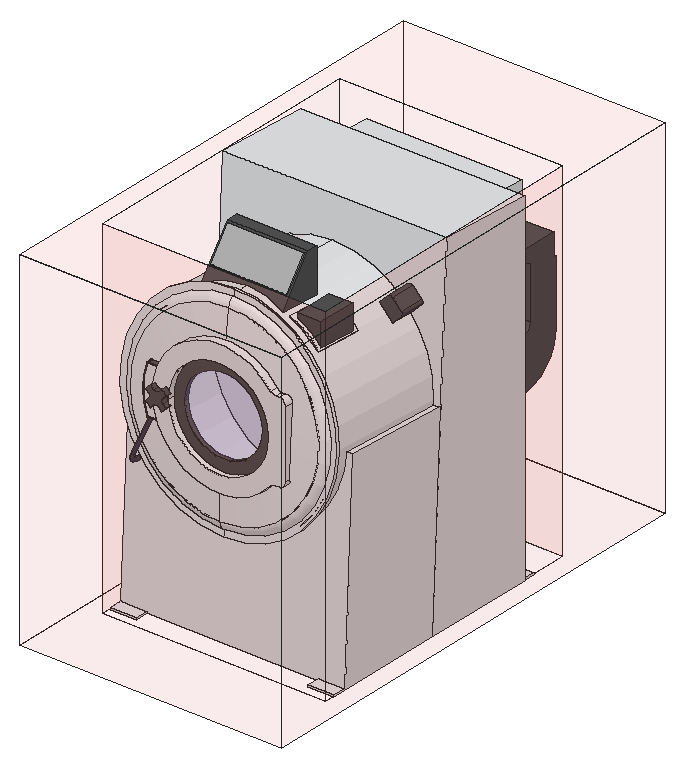
Revit family "Washer_Milnor_60lb-Capacity_30022T6X", category Mechanical Equipment, Revit 2023
Family settings
  Round Connector Dimension = Use Diameter
  Part Type = Normal
  OmniClass Number = 23.45.70.11.14.11
  OmniClass Title = Washing Machines
  Work Plane-Based = Yes
  Always vertical = No
  Cut with Voids When Loaded = No
  Maintain Annotation Orientation = No
  Shared = No
  Room Calculation Point = No
Parameters (values of type "3022T6XBE2015252D")
  doorgas = Door Opening + 0' 2 1/2"  # 1' - 6"
  Warranty Duration (Years) = 5
  Voltage_MEP = 44.5935 V
  Vibration Frequency = 0
  Unit Width = 2' - 10 1/2"
  Unit Weight = 944
  Unit Height = 4' - 6"
  Unit Depth = 3' - 9 3/4"
  URL = "http://www.milnor.com/"
  Suspension Type = "Rigid"
  Specification = "https://www.arcat.com/sd/clients/pellerin.html"
  SpecWizard = "https://www.arcat.com/specwizard/11110pmc/index04.htm"
  Send Message = "http://www.arcat.com/users.pl?action=UserEmail&company=Pellerin+Milnor+Corp.&coid=34740&rep=108&fax=504-468-3094&mf="
  Sales Information = "http://www.milnor.com/contact_us.aspx"
  Revision = "R1_08-2018"
  Product Properties = "https://www.arcat.com/arcatcos/cos34/arc34740.html"
  Product Data = "http://www.arcat.com/arcatcos/cos34/arc34740.html"
  Phase = 3
  Number of Poles = 1
  Model = "3022T6XBE2015252D"
  Manufacturer Website = "http://www.milnor.com/"
  Manufacturer Phone - Toll Free = "800-469-8780"
  Manufacturer Phone = "504-467-9591"
  Manufacturer Fax = "504-468-3094"
  Manufacturer Address = "700 Jackson St.   Kenner, LA 70062"
  Manufacturer = "Pellerin Milnor Corp"
  Maintenance Schedule (Months) = 0
  MEP Amperage = 18.5 A
  Keynote = "11110"
  Interior Finish [instance] = Metal - Stainless Steel - Milnor - as Specified
  Installation-Fabrication = "https://www.arcat.com/catalogs/pellerin/pellerin.html"
  Installation Phase = ""
  Green Building-LEED = "https://www.arcat.com/green/green_building.shtml"
  Frequency = 60 Hz
  Extraction G-Force = "140 Gs"
  Expected Lifespan (Years) = 12
  Dynamic Load = 0.00 kip
  Drawn By = "Sumex Design, Inc. / Robert S. Weygant, CSI, CDT, SCIP"
  Door Opening = 1' - 3 1/2"
  Door Opening Depth = 1' - 3 3/4"
  Door Glazing [instance] = Glazing - Milnor - as Specified
  Clearance Visible [instance] = yes
  Cabinet Front Doodads [instance] = Paint - Milnor - Black
  Description = "Milnor Commercial Washer Extractor"
  Default Elevation = 4' - 0"
  Cylinder Volume = 9.00 CF
  Cylinder Diameter = 2' - 6"
  Cylinder Depth = 1' - 3"
  Door Base from FF = 2' - 1"
  Copyright = "©Arcat Inc."
  Construction Details = "https://www.arcat.com/catalogs/pellerin/pellerin.html"
  Capacity = "60 lb"
  Cabinet Finish [instance] = Metal - Stainless Steel - Milnor - Powder Coat as Specified
  Assembly Code = "E1010610"
  16" Clearance = yes
Reference planes (in)
  plane 1 "Center (Front/Back)": y = 0
  plane 2 "Bottom": z = 0
  plane 3 "Center (Left/Right)": x = 0
  plane 4 "Front": y = -22.875
  plane 5 "Back": y = 22.875
  plane 6 "Left": x = -17.25
  plane 7 "Right": x = 17.25
  plane 8 "Top": z = 54
  plane 9: y = -35.125
  plane 10: z = 25
  plane 11 "Y": y = -19.375
  plane 12: y = 15.375
  plane 13 "Rear Wall MINIMUM CLEARANCE": y = 31.375
  plane 14 "Lint Trap Center": z = 14
  plane 15 "Lint Trap Back": y = 38.875
  plane 16 "Lint Trap Alignment": x = -9.25
Forms (in)
  Extrusion 1, solid, material "Metal - Stainless Steel - Milnor - Powder Coat as Specified" <- "Cabinet Finish"
    sketch origin (0, 0, 0) x (0, 1, 0) y (0, 0, 1)
      loop
        line (0.30793, 53.98386) -> (-2.52124, 0) -> (15.375, 0) -> (15.375, 53.19423) -> (0.30793, 53.98386)
    from -17.25 to 17.25
  Extrusion 2, solid, material "Metal - Stainless Steel - Milnor - Powder Coat as Specified" <- "Cabinet Finish"
    sketch origin (0, 0, 0) x (0, 1, 0) y (0, 0, 1)
      loop
        line (15.375, 51.20358) -> (15.375, 4.06052) -> (19.02486, 4.06052) -> (21.47876, 50.88369) -> (15.375, 51.20358)
    from -12 to 12
  Extrusion 3, solid, material "Metal - Stainless Steel - Milnor - Powder Coat as Specified" <- "Cabinet Finish"
    sketch origin (0, 0, 0) x (0, 1, 0) y (0, 0, 1)
      loop
        line (-0.89129, 31.10136) -> (-17.69888, 31.98221) -> (-19.375, 0) -> (-2.52124, 0) -> (-0.89129, 31.10136)
    from -17.25 to 17.25
  Revolve 4, solid, material "Metal - Stainless Steel - Milnor - Powder Coat as Specified" <- "Cabinet Finish"
    sketch origin (0, 0, 0) x (0, 1, 0) y (0, 0, 1)
      loop
        line (-4.85997, 31.84903) -> (-0.86459, 31.61071) -> (-0.01411, 47.83887) -> (-18.86581, 48.96332) -> (-18.83537, 49.47357) -> (-19.14893, 49.49228) -> (-19.20847, 48.49405)
        arc (-19.20847, 48.49405) -> (-19.79183, 47.98694) -> (-20.06883, 47.26532) r 1.59754
        line (-20.06883, 47.26532) -> (-21.83738, 32.86168) -> (-19.83336, 32.74215) -> (-18.94024, 47.71553) -> (-3.96685, 46.82241) -> (-4.85997, 31.84903)
      axis (-21.83738, 32.86168) -> (-0.86459, 31.61071)
    angle from 0 to 360
  Extrusion 5, void
    sketch origin (0, 0, 0) x (1, 0, 0) y (0, 0, 1)
      loop
        circle (0, 32.75) r 7.875
    from 13.70276 to 26.1875
  Revolve 6, void
    sketch origin (0, 0, 0) x (0, 1, 0) y (0, 0, 1)
      loop
        line (-0.01411, 47.83887) -> (-18.86581, 48.96332) -> (-19.83336, 32.74215) -> (-0.98166, 31.6177) -> (-0.01411, 47.83887)
      axis (-19.83336, 32.74215) -> (-0.98166, 31.6177)
    angle from 0 to 360
  Extrusion 7, solid, material "Paint - Milnor - Black" <- "Cabinet Front Doodads"
    sketch origin (0, 0, 0) x (1, 0, 0) y (0, 0, 1)
      loop
        circle (0, 32.7491) r 7.75
      loop
        circle (0, 32.7491) r 6
    from 20.52449 to 21.14569
  Extrusion 8, solid, material "Glazing - Milnor - as Specified" <- "Door Glazing"
    sketch origin (0, 0, 0) x (1, 0, 0) y (0, 0, 1)
      loop
        circle (0, 32.7491) r 6
    from 20.52449 to 21.14569
  Extrusion 9, solid, material "Paint - Milnor - Black" <- "Cabinet Front Doodads"
    sketch origin (0, 0, 0) x (1, 0, 0) y (0, 0, 1)
      loop
        line (-9.58301, 36.55903) -> (-11.18344, 36.55903)
        arc (-11.18344, 36.55903) -> (-11.33015, 36.51146) -> (-11.42102, 36.38685) r 0.25
        arc (-11.42102, 36.38685) -> (-12.00157, 32.7491) -> (-11.42102, 29.11136) r 11.68741
        arc (-11.42102, 29.11136) -> (-11.33015, 28.98675) -> (-11.18344, 28.93918) r 0.25
        line (-11.18344, 28.93918) -> (-9.58301, 28.93918)
        arc (-9.58301, 28.93918) -> (-9.60759, 29.0016) -> (-9.63177, 29.06418) r 10.3126
        line (-9.63177, 29.06418) -> (-11.18344, 29.06418)
        arc (-11.18344, 29.06418) -> (-11.2568, 29.08796) -> (-11.30223, 29.15027) r 0.125
        arc (-11.30223, 29.15027) -> (-11.87657, 32.7491) -> (-11.30223, 36.34794) r 11.56241
        arc (-11.30223, 36.34794) -> (-11.2568, 36.41025) -> (-11.18344, 36.43403) r 0.125
        line (-11.18344, 36.43403) -> (-9.63177, 36.43403)
        arc (-9.63177, 36.43403) -> (-9.60759, 36.49661) -> (-9.58301, 36.55903) r 10.3126
    from 20.77469 to 21.77823
  Extrusion 10, solid, material "Paint - Milnor - Black" <- "Cabinet Front Doodads"
    sketch origin (0, 0, 0) x (0, 1, 0) y (0, 0, 1)
      loop
        line (-12.625, 54) -> (-18.08827, 46.75) -> (-10.88861, 46.75) -> (-10.88861, 54) -> (-12.625, 54)
    from -6.19874 to 6.20769
  Extrusion 11, solid, material "Contoller Finish - Grey"
    sketch origin (0, -12.625, 54) x (0, -0.601815, -0.798636) y (1, 0, 0)
      loop
        line (0.3281, -5.9267) -> (5.8281, -5.9267) -> (5.8281, 5.8233) -> (0.3281, 5.8233) -> (0.3281, -5.9267)
    from 0 to 0.0625
  Extrusion 12, solid, material "Metal - Stainless Steel - Milnor - Powder Coat as Specified" <- "Cabinet Finish"
    sketch origin (-0.125, -2.73589, -0.97441) x (1, 0, 0) y (0, 0.059481, 0.998229)
      loop
        line (11.39349, 43.73287) -> (11.82069, 44.16007)
        arc (11.82069, 44.16007) -> (9.77749, 46.12707) -> (7.27083, 47.45384) r 10.17722
        line (7.27083, 47.45384) -> (7.27083, 46.61959) -> (11.39349, 43.73287)
    from 9.72126 to 17.35099
  Extrusion 13, solid, material "Paint - Milnor - Black"
    sketch origin (0, 0, 0) x (1, 0, 0) y (0, 0, 1)
      loop
        line (7.88414, 46.57967) -> (11.5, 43.54561) -> (11.5, 47.79561) -> (7.88414, 47.79561) -> (7.88414, 46.57967)
    from 10.6593 to 16.72432
  Extrusion 14, solid, material "Paint - Milnor - Black"
    sketch origin (0, 0, 0) x (1, 0, 0) y (0, 0, 1)
      loop
        circle (-9.25, 14) r 1.5
    from -19.875 to -17.56926
  Extrusion 15, solid, material "Paint - Milnor - Black"
    sketch origin (0, 0, 0) x (1, 0, 0) y (0, 0, 1)
      loop
        line (-16.5, 40.5) -> (-12.5, 40.5) -> (-12.5, 46.25) -> (-16.5, 46.25) -> (-16.5, 40.5)
    from -17.56926 to -15.47876
  Extrusion 16, solid, material "Paint - Milnor - Black"
    sketch origin (0, 0, 0) x (0, 1, 0) y (0, 0, 1)
      loop
        line (15.47876, 45) -> (15.47876, 43.75) -> (17.56926, 42.54305) -> (17.56926, 34.54305)
        arc (17.56926, 34.54305) -> (17.34067, 33.77194) -> (16.72876, 33.25) r 1.41488
        line (16.72876, 33.25) -> (15.47876, 33.25) -> (15.47876, 25.19717)
        arc (15.47876, 25.19717) -> (20.38186, 26.79029) -> (22.47876, 31.5) r 6.33755
        line (22.47876, 31.5) -> (22.47876, 41.5) -> (21.97876, 41.5) -> (21.97876, 45) -> (15.47876, 45)
    from 12.2764 to 16.43646
  Extrusion 17, solid, material "Paint - Milnor - Black"
    sketch origin (0, 0, 0) x (1, 0, 0) y (0, 0, 1)
      loop
        circle (15.17575, 40.22764) r 0.25
      loop
        circle (15.19494, 38.99925) r 0.1875
      loop
        circle (15.19494, 37.74925) r 0.1875
      loop
        circle (13.42575, 40.22764) r 0.25
      loop
        circle (13.44494, 38.99925) r 0.1875
      loop
        circle (13.44494, 37.74925) r 0.1875
    from -22.875 to -22.47876
  Extrusion 18, solid, material "Paint - Milnor - Black"
    sketch origin (0, 0, 0) x (1, 0, 0) y (0, 0, 1)
      loop
        circle (14.75, 10.75) r 0.375
      loop
        circle (14.75, 15) r 0.375
      loop
        circle (14.75, 19.25) r 0.375
      loop
        circle (14.75, 6.5) r 0.375
      loop
        circle (-14.75, 6.5) r 0.375
    from -16.22121 to -15.47876
  Extrusion 19, solid, material "Metal - Stainless Steel - Milnor - Powder Coat as Specified" <- "Cabinet Finish"
    sketch origin (0, 0, 0) x (1, 0, 0) y (0, 1, 0)
      loop
        line (17.25, 17.25) -> (13.25, 17.25) -> (13.25, 15.47876) -> (17.25, 15.47876) -> (17.25, 17.25)
      loop
        line (-17.25, 17.25) -> (-17.25, 15.47876) -> (-13.25, 15.47876) -> (-13.25, 17.25) -> (-17.25, 17.25)
      loop
        line (17.25, -19.19341) -> (13.25, -19.19341) -> (13.25, -21.375) -> (17.25, -21.375) -> (17.25, -19.19341)
      loop
        line (-17.25, -19.18237) -> (-17.25, -21.375) -> (-13.25, -21.375) -> (-13.25, -19.18237) -> (-17.25, -19.18237)
    from 0 to 0.25
  Extrusion 20, solid, material "ARCAT Clearance", visible <- "Clearance Visible"
    sketch origin (-6.75302, 1.0625, 0) x (1, 0, 0) y (0, 1, 0)
      loop
        line (-13.49698, 37.8125) -> (-13.49698, -36.1875) -> (27.00302, -36.1875) -> (27.00302, 37.8125) -> (-13.49698, 37.8125)
      loop
        line (-10.49698, -23.9375) -> (24.00302, -23.9375) -> (24.00302, 21.8125) -> (-10.49698, 21.8125) -> (-10.49698, -23.9375)
    from 0 to 54
  Extrusion 21, solid, material "Metal - Stainless Steel - Milnor - Powder Coat as Specified" <- "Cabinet Finish"
    sketch origin (0, 0, 0) x (1, 0, 0) y (0, 0, 1)
      loop
        circle (0, 32.7491) r 7.75
      loop
        arc (7.96361, 39.30125) -> (-10.3126, 32.7491) -> (7.9636, 26.19696) r 10.3126
        arc (7.9636, 26.19696) -> (8.30883, 26.46586) -> (8.73583, 26.5616) r 1
        line (8.73583, 26.5616) -> (9.31135, 26.5616)
        arc (9.31135, 26.5616) -> (10.01846, 26.85449) -> (10.31135, 27.5616) r 1
        line (10.31135, 27.5616) -> (10.31135, 37.9366)
        arc (10.31135, 37.9366) -> (10.01846, 38.64371) -> (9.31135, 38.9366) r 1
        line (9.31135, 38.9366) -> (8.73583, 38.9366)
        arc (8.73583, 38.9366) -> (8.30883, 39.03235) -> (7.96361, 39.30125) r 1
    from 22.02176 to 20.52449
  Extrusion 22, solid, material "Metal - Stainless Steel - Milnor - Powder Coat as Specified" <- "Cabinet Finish"
    sketch origin (0, 0, 0) x (1, 0, 0) y (0, 0, 1)
      loop
        arc (-11.30223, 29.15027) -> (-11.2568, 29.08796) -> (-11.18344, 29.06418) r 0.125
        line (-11.18344, 29.06418) -> (-9.63177, 29.06418)
        arc (-9.63177, 29.06418) -> (-10.3126, 32.7491) -> (-9.63177, 36.43403) r 10.3126
        line (-9.63177, 36.43403) -> (-11.18344, 36.43403)
        arc (-11.18344, 36.43403) -> (-11.2568, 36.41025) -> (-11.30223, 36.34794) r 0.125
        arc (-11.30223, 36.34794) -> (-11.87657, 32.7491) -> (-11.30223, 29.15027) r 11.56241
    from 20.77469 to 21.77823
  Extrusion 23, solid, material "Paint - Milnor - Black"
    sketch origin (0, 0, 0) x (1, 0, 0) y (0, 0, 1)
      loop
        spline (10.37369, 44.60575) -> (10.56112, 44.43953) -> (10.74588, 44.27037) -> (10.92792, 44.09829) -> (11.10719, 43.92334) -> (11.28365, 43.74557) -> (11.45726, 43.56502) -> (11.62797, 43.38174) -> (11.79574, 43.19576) -> (11.96052, 43.00715) -> (12.12228, 42.81595) -> (12.28096, 42.6222) -> (12.43655, 42.42596)
        line (12.43655, 42.42596) -> (13.82522, 43.81463)
        arc (13.82522, 43.81463) -> (13.97166, 44.16818) -> (13.82522, 44.52173) r 0.5
        line (13.82522, 44.52173) -> (12.411, 45.93595)
        arc (12.411, 45.93595) -> (12.05745, 46.08239) -> (11.7039, 45.93595) r 0.5
        line (11.7039, 45.93595) -> (10.37369, 44.60575)
    from 0 to 4.01911
  Extrusion 24, solid, material "Paint - Milnor - Black"
    sketch origin (0, 0, 0) x (1, 0, 0) y (0, 0, 1)
      loop
        line (-8.199, 34.28851) -> (-8.67775, 33.80976)
        arc (-8.67775, 33.80976) -> (-9.0313, 33.66332) -> (-9.38485, 33.80976) r 0.5
        line (-9.38485, 33.80976) -> (-9.8636, 34.28851)
        arc (-9.8636, 34.28851) -> (-10.26874, 33.98654) -> (-10.57071, 33.5814) r 1.75
        line (-10.57071, 33.5814) -> (-10.09196, 33.10266)
        arc (-10.09196, 33.10266) -> (-9.94551, 32.7491) -> (-10.09196, 32.39555) r 0.5
        line (-10.09196, 32.39555) -> (-10.57071, 31.9168)
        arc (-10.57071, 31.9168) -> (-10.26874, 31.51167) -> (-9.8636, 31.2097) r 1.75
        line (-9.8636, 31.2097) -> (-9.38485, 31.68844)
        arc (-9.38485, 31.68844) -> (-9.0313, 31.83489) -> (-8.67775, 31.68844) r 0.5
        line (-8.67775, 31.68844) -> (-8.199, 31.2097)
        arc (-8.199, 31.2097) -> (-7.79386, 31.51167) -> (-7.49189, 31.9168) r 1.75
        line (-7.49189, 31.9168) -> (-7.97064, 32.39555)
        arc (-7.97064, 32.39555) -> (-8.11709, 32.7491) -> (-7.97064, 33.10266) r 0.5
        line (-7.97064, 33.10266) -> (-7.49189, 33.5814)
        arc (-7.49189, 33.5814) -> (-7.79386, 33.98654) -> (-8.199, 34.28851) r 1.75
    from 22.02176 to 22.875
  Sweep 25, solid, material "Paint - Milnor - Black" <- "Cabinet Front Doodads"
    path origin (-13.146, 0, -1.9335) x (0, 1, 0) y (0.419322, 0, 0.907837)
      loop
        line (-21.76498, 29.84931) -> (-21.76498, 22.296)
        arc (-21.76498, 22.296) -> (-21.03275, 20.52823) -> (-19.26498, 19.796) r 2.5
        line (-19.26498, 19.796) -> (-18.15956, 19.796)
    profile origin (-2.21316, -21.76498, 21.73623) x (0, 1, 0) y (0.907837, 0, -0.419322)
      loop
        circle (0.40323, -10.97154) r 0.25
Cuts and joins
  Extrusion 5, Revolve 6 cuts Extrusion 1
  Revolve 6 cuts Extrusion 3
  joined: Extrusion 3, Extrusion 19
  Extrusion 5 cuts Revolve 4
Lines and regions (in)
  symbolic lines, style "MechanicalEquipmentHiddenLines"
    curve 1: arc (7.75208, -22.95773, 0) -> (1.35223, -31.76221, 0) -> (-9, -35.125, 0) r 17.61589
    curve 2: line (-9, -35.125, 0) -> (-9, -21.375, 0)
Dimensions and locks (in)
  "Unit Width": plane 6 "Left" to plane 7 "Right"
  "Unit Depth": plane 5 "Back" to plane 4 "Front"
  "Unit Height": plane 8 "Top" to level
  "Door Opening Depth": plane 11 "Y" to plane 9
  plane 10 to level = 2' - 1"
  Extrusion 18 sketch curve to level = 0' - 10 3/4"
  Extrusion 18 sketch curve to level = 1' - 3"
  Extrusion 18 sketch curve to level = 1' - 7 1/4"
  locked: Extrusion 18 sketch curve to level at 6.5
  locked: plane 11 "Y" to plane 4 "Front" at 3.5
  locked: plane 12 to plane 11 "Y" at 34.75
  locked: plane 13 "Rear Wall MINIMUM CLEARANCE" to plane 12 at 16
  locked: plane 10 to plane 14 "Lint Trap Center" at 11
  locked: plane 15 "Lint Trap Back" to Extrusion 14 at 19
  locked: plane 6 "Left" to plane 16 "Lint Trap Alignment" at 8
  locked: plane 15 "Lint Trap Back" to plane 5 "Back" at 16
  aligned and locked: Extrusion 3 to plane 6 "Left"
  aligned and locked: plane 7 "Right" to Extrusion 3
  aligned and locked: plane 7 "Right" to Extrusion 1
  aligned and locked: Extrusion 1 to plane 6 "Left"
  aligned and locked: Extrusion 23 to plane 1 "Center (Front/Back)"
  aligned and locked: Extrusion 24 to plane 4 "Front"
  aligned and locked: Extrusion 20 sketch curve to plane 15 "Lint Trap Back"
  aligned and locked: plane 5 "Back" to Extrusion 20 sketch curve
  aligned and locked: Extrusion 20 sketch curve to plane 6 "Left"
  aligned and locked: plane 7 "Right" to Extrusion 20 sketch curve
  aligned and locked: Extrusion 20 sketch curve to plane 4 "Front"
  aligned and locked: Extrusion 20 sketch curve to plane 9
Automatic sketch dimensions
  curve 1 to plane 9 = 0' - 0"
  plane 4 "Front" to curve 2 = 0' - 1 1/2"
  plane 6 "Left" to curve 2 = 0' - 8 1/4"
  curve 1 to plane 4 "Front" = 0' - 0.08273"
  plane 3 "Center (Left/Right)" to curve 1 = 0' - 7.75208"
  Extrusion 1 sketch curve to level = 0' - 0"
  Extrusion 1 sketch curve to plane 12 = 0' - 0"
  Extrusion 1 sketch curve to plane 8 "Top" = 0' - 0.01614"
  Extrusion 1 sketch curve to plane 1 "Center (Front/Back)" = 0' - 0.30793"
  plane 1 "Center (Front/Back)" to Extrusion 1 sketch curve = 0' - 2.52124"
  Extrusion 2 sketch curve to plane 12 = 0' - 0"
  plane 12 to Extrusion 2 sketch curve = 0' - 3.64986"
  Extrusion 2 sketch curve to plane 5 "Back" = 0' - 1.39624"
  level to Extrusion 2 sketch curve = 0' - 4.06052"
  Extrusion 2 sketch curve to plane 8 "Top" = 0' - 3.11631"
  Extrusion 3 sketch curve to level = 0' - 0"
  Extrusion 3 sketch curve to plane 11 "Y" = 0' - 0"
  plane 11 "Y" to Extrusion 3 sketch curve = 0' - 1.67612"
  plane 1 "Center (Front/Back)" to Extrusion 3 sketch curve = 0' - 2.52124"
  plane 1 "Center (Front/Back)" to Extrusion 3 sketch curve = 0' - 0.89129"
  Revolve 4 sketch curve to plane 1 "Center (Front/Back)" = 0' - 0"
  plane 1 "Center (Front/Back)" to Revolve 4 sketch curve = 0' - 0.01411"
  plane 1 "Center (Front/Back)" to Revolve 4 sketch curve = 0' - 0.86459"
  plane 1 "Center (Front/Back)" to Revolve 4 sketch curve = 0' - 3.96685"
  Revolve 4 sketch curve to Revolve 4 sketch curve = 0' - 3.99537"
  plane 11 "Y" to Revolve 4 sketch curve = 0' - 0.8918"
  plane 11 "Y" to Revolve 4 sketch curve = 0' - 0.53963"
  plane 11 "Y" to Revolve 4 sketch curve = 0' - 0.50919"
  plane 11 "Y" to Revolve 4 sketch curve = 0' - 0.43476"
  plane 11 "Y" to Revolve 4 sketch curve = 0' - 0.22607"
  plane 11 "Y" to Revolve 4 sketch curve = 0' - 0.16653"
  Revolve 4 sketch curve to plane 11 "Y" = 0' - 0.45836"
  Revolve 4 sketch curve to Revolve 4 sketch curve = 0' - 0.18684"
  Revolve 4 sketch curve to plane 11 "Y" = 0' - 0.69383"
  plane 4 "Front" to Revolve 4 sketch curve = 0' - 1.03762"
  plane 10 to Revolve 4 sketch curve = 0' - 6.55914"
  Revolve 4 sketch curve to Revolve 4 sketch curve = 0' - 0.05157"
  Revolve 4 sketch curve to Revolve 4 sketch curve = 0' - 0.23831"
  Revolve 4 sketch curve to Revolve 4 sketch curve = 0' - 0.01114"
  Revolve 4 sketch curve to Revolve 4 sketch curve = 0' - 0.6449"
  Revolve 4 sketch curve to Revolve 4 sketch curve = 0' - 0.45021"
  Revolve 4 sketch curve to Revolve 4 sketch curve = 0' - 1.01645"
  Extrusion 5 sketch curve to plane 3 "Center (Left/Right)" = 0' - 0"
  plane 10 to Extrusion 5 sketch curve = 0' - 7 3/4"
  Revolve 6 sketch curve to plane 11 "Y" = 0' - 0.45836"
  Revolve 6 sketch curve to Revolve 6 sketch curve = 0' - 0"  (x2)
  plane 11 "Y" to Revolve 6 sketch curve = 0' - 0.50919"
  plane 1 "Center (Front/Back)" to Revolve 6 sketch curve = 0' - 0.98166"
  Revolve 6 sketch curve to plane 1 "Center (Front/Back)" = 0' - 0.87983"
  plane 10 to Revolve 6 sketch curve = 0' - 6.50666"
  Revolve 6 sketch curve to Revolve 6 sketch curve = 0' - 0.11103"
  plane 10 to Revolve 6 sketch curve = 0' - 7.74215"
  Extrusion 7 sketch curve to Extrusion 7 sketch curve = 0' - 0"  (x2)
  Extrusion 7 sketch curve to plane 3 "Center (Left/Right)" = 0' - 0"
  plane 10 to Extrusion 7 sketch curve = 0' - 7.7491"
  Extrusion 8 sketch curve to plane 3 "Center (Left/Right)" = 0' - 0"
  plane 10 to Extrusion 8 sketch curve = 0' - 7.7491"
  Extrusion 10 sketch curve to plane 8 "Top" = 0' - 0"
  plane 11 "Y" to Extrusion 10 sketch curve = 0' - 1.28673"
  plane 11 "Y" to Extrusion 10 sketch curve = 0' - 6 3/4"
  Extrusion 10 sketch curve to Extrusion 10 sketch curve = 0' - 1.73639"
  Extrusion 10 sketch curve to plane 8 "Top" = 0' - 7 1/4"
  Extrusion 10 to Extrusion 11 sketch curve = 0' - 0.3281"
  Extrusion 10 to Extrusion 11 sketch curve = 0' - 0.3844"
  Extrusion 10 to Extrusion 11 sketch curve = 0' - 3.24988"
  Extrusion 10 to Extrusion 11 sketch curve = 0' - 0.27203"
  plane 3 "Center (Left/Right)" to Extrusion 12 sketch curve = 0' - 3.68459"
  plane 3 "Center (Left/Right)" to Extrusion 12 sketch curve = 0' - 7.14583"
  Extrusion 12 sketch curve to Extrusion 12 sketch curve = 0' - 4.12265"
  Extrusion 12 sketch curve to Extrusion 12 sketch curve = 0' - 0.4272"  (x2)
  Extrusion 12 sketch curve to Extrusion 12 sketch curve = 0' - 5.84958"
  Extrusion 12 sketch curve to Extrusion 12 sketch curve = 0' - 0.83426"
  plane 3 "Center (Left/Right)" to Extrusion 13 sketch curve = 0' - 7.88414"
  Extrusion 13 sketch curve to Extrusion 13 sketch curve = 0' - 3.61586"
  Extrusion 13 sketch curve to plane 8 "Top" = 0' - 10.45439"
  Extrusion 13 sketch curve to Extrusion 13 sketch curve = 0' - 3.03407"
  Extrusion 13 sketch curve to Extrusion 13 sketch curve = 0' - 1.21593"
  plane 6 "Left" to Extrusion 14 sketch curve = 0' - 8"
  Extrusion 14 sketch curve to plane 10 = 0' - 11"
  plane 6 "Left" to Extrusion 15 sketch curve = 0' - 0 3/4"
  Extrusion 15 sketch curve to Extrusion 15 sketch curve = 0' - 4"
  Extrusion 15 sketch curve to plane 8 "Top" = 1' - 1 1/2"
  Extrusion 15 sketch curve to Extrusion 15 sketch curve = 0' - 5 3/4"
  plane 12 to Extrusion 16 sketch curve = 0' - 0.10376"  (x2)
  plane 12 to Extrusion 16 sketch curve = 0' - 0.76621"
  plane 12 to Extrusion 16 sketch curve = 0' - 0.77938"
  Extrusion 16 sketch curve to Extrusion 16 sketch curve = 0' - 1 1/4"
  Extrusion 16 sketch curve to Extrusion 16 sketch curve = 0' - 1.41488"
  Extrusion 16 sketch curve to plane 5 "Back" = 0' - 0.89624"
  Extrusion 16 sketch curve to plane 5 "Back" = 0' - 0.39624"
  plane 10 to Extrusion 16 sketch curve = 0' - 0.19717"
  Extrusion 16 sketch curve to Extrusion 16 sketch curve = 0' - 1 3/4"
  Extrusion 16 sketch curve to Extrusion 16 sketch curve = 0' - 6.95695"
  Extrusion 16 sketch curve to Extrusion 16 sketch curve = 0' - 1.04305"
  Extrusion 16 sketch curve to Extrusion 16 sketch curve = 0' - 1.20695"
  Extrusion 16 sketch curve to Extrusion 16 sketch curve = 0' - 3 1/2"
  Extrusion 17 sketch curve to plane 7 "Right" = 0' - 3.82425"
  Extrusion 17 sketch curve to Extrusion 17 sketch curve = 0' - 0.01919"  (x2)
  Extrusion 17 sketch curve to Extrusion 17 sketch curve = 0' - 0"  (x2)
  Extrusion 17 sketch curve to Extrusion 17 sketch curve = 0' - 1 3/4"  (x2)
  plane 10 to Extrusion 17 sketch curve = 1' - 0.74925"
  Extrusion 17 sketch curve to Extrusion 17 sketch curve = 0' - 1 1/4"  (x2)
  Extrusion 17 sketch curve to Extrusion 17 sketch curve = 0' - 1.22839"  (x2)
  plane 6 "Left" to Extrusion 18 sketch curve = 0' - 2 1/2"
  Extrusion 18 sketch curve to plane 7 "Right" = 0' - 2 1/2"  (x4)
  level to Extrusion 18 sketch curve = 0' - 6 1/2"
  Extrusion 19 sketch curve to plane 6 "Left" = 0' - 0"  (x2)
  Extrusion 19 sketch curve to plane 7 "Right" = 0' - 0"  (x2)
  plane 11 "Y" to Extrusion 19 sketch curve = 0' - 0.19263"
  Extrusion 19 sketch curve to Extrusion 19 sketch curve = 0' - 4"
  plane 12 to Extrusion 19 sketch curve = 0' - 1 7/8"
  plane 6 "Left" to Extrusion 19 sketch curve = 0' - 4"
  plane 12 to Extrusion 19 sketch curve = 0' - 0.10376"  (x2)
  Extrusion 19 sketch curve to plane 7 "Right" = 0' - 4"  (x2)
  plane 4 "Front" to Extrusion 19 sketch curve = 0' - 1 1/2"  (x2)
  plane 11 "Y" to Extrusion 19 sketch curve = 0' - 0.18159"
  Extrusion 19 sketch curve to Extrusion 19 sketch curve = 0' - 1.77124"
  Extrusion 21 sketch curve to Extrusion 21 sketch curve = 0' - 0"  (x4)
  Extrusion 21 sketch curve to plane 3 "Center (Left/Right)" = 0' - 0"
  plane 10 to Extrusion 21 sketch curve = 0' - 1.5616"
  Extrusion 21 sketch curve to plane 7 "Right" = 0' - 8.51417"  (x2)
  Extrusion 21 sketch curve to Extrusion 21 sketch curve = 0' - 0.57552"  (x2)
  Extrusion 21 sketch curve to Extrusion 21 sketch curve = 0' - 1"  (x2)
  plane 10 to Extrusion 21 sketch curve = 0' - 0.5616"
  plane 10 to Extrusion 21 sketch curve = 0' - 7.7491"
  Extrusion 21 sketch curve to Extrusion 21 sketch curve = 0' - 10 3/8"
  Extrusion 21 sketch curve to Extrusion 21 sketch curve = 0' - 0.77222"
  Extrusion 22 sketch curve to plane 3 "Center (Left/Right)" = 0' - 0.31417"
  Extrusion 22 sketch curve to Extrusion 22 sketch curve = 0' - 1.55167"  (x2)
  Extrusion 22 sketch curve to plane 3 "Center (Left/Right)" = 0' - 0"
  plane 10 to Extrusion 22 sketch curve = 0' - 4.06418"
  Extrusion 22 sketch curve to Extrusion 22 sketch curve = 0' - 0"  (x3)
  Extrusion 22 sketch curve to Extrusion 22 sketch curve = 0' - 0.11879"  (x2)
  Extrusion 9 sketch curve to Extrusion 9 sketch curve = 0' - 0"  (x10)
  plane 10 to Extrusion 9 sketch curve = 0' - 3.93918"
  Extrusion 9 sketch curve to Extrusion 9 sketch curve = 0' - 1.60043"
  Extrusion 9 sketch curve to plane 3 "Center (Left/Right)" = 0' - 0.31417"
  Extrusion 9 sketch curve to plane 3 "Center (Left/Right)" = 0' - 0"
  Extrusion 9 sketch curve to Extrusion 9 sketch curve = 0' - 0 1/4"  (x2)
  Extrusion 9 sketch curve to Extrusion 9 sketch curve = 0' - 0.04876"  (x2)
  Extrusion 9 sketch curve to Extrusion 9 sketch curve = 0' - 0.11879"  (x4)
  Extrusion 9 sketch curve to Extrusion 9 sketch curve = 0' - 0.03891"  (x2)
  Extrusion 22 sketch curve to Extrusion 22 sketch curve = 0' - 0.03891"  (x2)
  Extrusion 23 sketch curve to plane 3 "Center (Left/Right)" = 0' - 0"
  Extrusion 23 sketch curve to plane 7 "Right" = 0' - 6.87631"
  Extrusion 23 sketch curve to Extrusion 23 sketch curve = 0' - 1.3302"
  Extrusion 23 sketch curve to Extrusion 23 sketch curve = 0' - 0.35355"  (x6)
  Extrusion 23 sketch curve to Extrusion 23 sketch curve = 0' - 2.06285"
  Extrusion 23 sketch curve to Extrusion 23 sketch curve = 0' - 1.41421"
  Extrusion 23 sketch curve to plane 8 "Top" = 0' - 11.57404"
  Extrusion 23 sketch curve to Extrusion 23 sketch curve = 0' - 1.38867"
  Extrusion 23 sketch curve to Extrusion 23 sketch curve = 0' - 2.17979"
  Extrusion 23 sketch curve to Extrusion 23 sketch curve = 0' - 0.97665"
  plane 6 "Left" to Extrusion 23 sketch curve = 0' - 1.48884"
  Extrusion 24 sketch curve to Extrusion 24 sketch curve = 0' - 0"  (x15)
  plane 6 "Left" to Extrusion 24 sketch curve = 0' - 6.67929"
  Extrusion 24 sketch curve to Extrusion 24 sketch curve = 0' - 0.12519"  (x2)
  Extrusion 24 sketch curve to Extrusion 24 sketch curve = 0' - 0.35355"  (x12)
  Extrusion 24 sketch curve to Extrusion 24 sketch curve = 0' - 0.70711"  (x4)
  Extrusion 24 sketch curve to Extrusion 24 sketch curve = 0' - 0.47875"  (x11)
  plane 10 to Extrusion 24 sketch curve = 0' - 6.2097"
  plane 4 "Front" to Sweep 25 sketch curve = 0' - 1.11002"
  plane 11 "Y" to Sweep 25 sketch curve = 0' - 0.11002"
  Sweep 25 sketch curve to Sweep 25 sketch curve = 0' - 1.10542"
  Sweep 25 sketch curve to Sweep 25 sketch curve = 0' - 7.55331"
  Sweep 25 sketch curve to profile plane = 0' - 0.40323"
  Sweep 25 sketch curve to profile plane = 0' - 10.97154"
  Extrusion 20 sketch curve to plane 6 "Left" = 0' - 3"
  plane 7 "Right" to Extrusion 20 sketch curve = 0' - 3"
  radius of Extrusion 5 sketch curve = 0' - 7 7/8"
  radius of Extrusion 7 sketch curve = 0' - 7 3/4"
  radius of Extrusion 7 sketch curve = 0' - 6"
  radius of Extrusion 8 sketch curve = 0' - 6"
  radius of Extrusion 14 sketch curve = 0' - 1 1/2"
  radius of Extrusion 17 sketch curve = 0' - 0 1/4"  (x2)
  radius of Extrusion 17 sketch curve = 0' - 0 3/16"  (x4)
  radius of Extrusion 18 sketch curve = 0' - 0 3/8"  (x5)
  radius of Extrusion 21 sketch curve = 0' - 7 3/4"
  radius of Sweep 25 sketch curve = 0' - 0 1/4"
Connectors (in)
  electrical at (-14.5, 17.56926, 43.375)
    settings: on Extrusion 15, index 1, voltage 0 V, apparent load 0 VA, apparent load phase1 0 VA, apparent load phase2 0 VA, apparent load phase3 0 VA, power factor 1, load classification "Other", number of poles 1, system type 31, power factor state 1, is connector primary yes, connector utility no, sub classification motor no, connector description ""
  piping at (-9.25, 19.875, 14), diameter 3
    settings: on Extrusion 14, index 2, connector inside diameter 3", connector length 0' - 0", flow factor 0, pipe flow 0 GPM, pressure drop 0.00 psi, fitting loss kfactor 0, connector angle 0.00°, fixture units 0, engagement length 0' - 0", angle of deflection 0.00°, flow configuration 0, flow direction 2, fitting loss method 0, system type 16, joint type 0, gender type 0, connector reference index -1, connector utility 0, adjustable connector no, is connector primary yes, connector description "Drain"
  piping at (14.75, 16.22121, 10.75), diameter 0.75
    settings: on Extrusion 18, index 7, connector inside diameter 3/4", connector length 0' - 0", flow factor 0, pipe flow 0 GPM, pressure drop 0.00 psi, fitting loss kfactor 0, connector angle 0.00°, fixture units 0, engagement length 0' - 0", angle of deflection 0.00°, flow configuration 0, flow direction 0, fitting loss method 0, system type 20, joint type 0, gender type 0, connector reference index -1, connector utility 0, adjustable connector no, is connector primary no, connector description "DCW Inlet"
  piping at (14.75, 16.22121, 15), diameter 0.75
    settings: on Extrusion 18, index 8, connector inside diameter 3/4", connector length 0' - 0", flow factor 0, pipe flow 0 GPM, pressure drop 0.00 psi, fitting loss kfactor 0, connector angle 0.00°, fixture units 0, engagement length 0' - 0", angle of deflection 0.00°, flow configuration 0, flow direction 1, fitting loss method 0, system type 19, joint type 0, gender type 0, connector reference index -1, connector utility 0, adjustable connector no, is connector primary no, connector description "DHW Flushing Inlet"
  piping at (14.75, 16.22121, 19.25), diameter 0.75
    settings: on Extrusion 18, index 9, connector inside diameter 3/4", connector length 0' - 0", flow factor 0, pipe flow 0 GPM, pressure drop 0.00 psi, fitting loss kfactor 0, connector angle 0.00°, fixture units 0, engagement length 0' - 0", angle of deflection 0.00°, flow configuration 0, flow direction 1, fitting loss method 0, system type 19, joint type 0, gender type 0, connector reference index -1, connector utility 0, adjustable connector no, is connector primary no, connector description "DHW Inlet"
